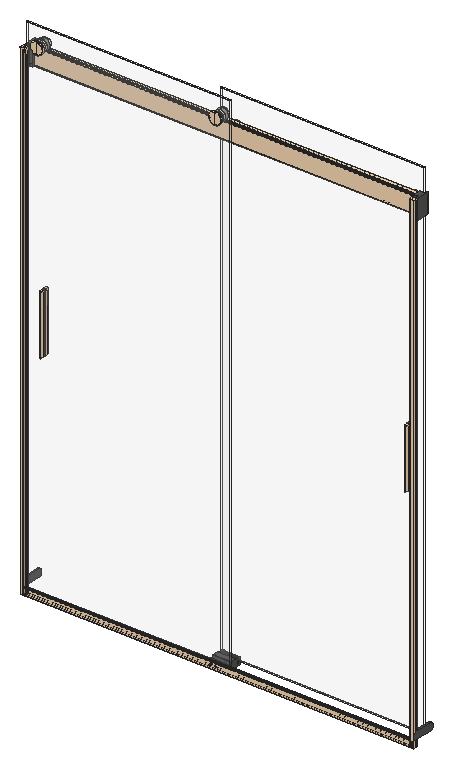
Revit family "Shower-Shower_Door-KOHLER-Levity-K-706383_1", category Specialty Equipment, host Face, Revit 2021
Family settings
  Host = Face
  Round Connector Dimension = Use Diameter
  Part Type = Normal
  OmniClass Number = 23.31.17.17
  OmniClass Title = Shower Enclosures
  Cut with Voids When Loaded = No
  Shared = No
  Room Calculation Point = No
Parameters (values of type "2MB-Vibrant Brushed Moderne Brass")
  Width [instance] = Walk Thru + 32.04724"  # 59.60584"
  WaterSense Certified = 1 = 0  # no
  Walk Thru [instance] = 27 143/256"
  URL = "https://www.us.kohler.com/us/"
  Type = 1
  Secondary Finish = Kohler-Glass-L-Crystal_Clear
  Product Page URL = "http://www.us.kohler.com/us/catalog/productDetails.jsp?productId=706383-L"
  Product Name = "Levity"  # constant formula
  Product Documentation Link = "https://www.us.kohler.com/webassets/kpna/catalog/pdf/en/K-706383-L_spec_US-CA_Kohler_en.pdf"
  Model = if(Type = 1, "K-706383-L-2MB", if(Type = 2, "K-706383-L-ABZ", if(Type = 3, "K-706383-L-BL", if(Type = 4, "K-706383-L-NX", if(Type = 5, "K-706383-L-SHP", "NA")))))  # "K-706383-L-2MB"
  Material = "Premium Metal Construction"  # constant formula
  Master Format 2014 Name = "Shower Doors"  # constant formula
  Master Format 2014 = "10 28 19.16"  # constant formula
  Manufacturer Address = "444 Highland Dr, Kohler, WI 53044"  # constant formula
  Manufacturer = "Kohler Co."  # constant formula
  Length = 3 119/256"  # constant formula
  Height = 77 143/256"  # constant formula
  Hardware Included = 1 = 1  # yes
  Finish = Kohler-Metal-2MB-Vibrant_Brushed_Moderne_Brass
  Environmental Product Declaration = ""
  Description = "Sliding shower door, 78 inch H x 56-5/8 - 59-5/8 inch W, with 5/16 inch thick Crystal Clear glass"  # constant formula
  Default Elevation = 4"
  Declare Label = ""
  Date Modified = "09/07/2022"  # constant formula
  Date Created = "09/07/2022"  # constant formula
  Copyright = "Copyright Kohler Co."  # constant formula
  Contact Us = "https://www.us.kohler.com/us/static/contact.jsp"
  Assembly Code = "C1030200"
  ADA Compliant = 1 = 0  # no
Reference planes (in)
  plane 1 "Center (Front/Back)": y = 0
  plane 2: z = 0
  plane 3 "Center (Left/Right)": x = 0
  plane 4: x = 27.55859
  plane 5: x = 28.29765
  plane 6: x = 25.97473
  plane 7: x = 25.42008
  plane 8: y = 2.60043
  plane 9: y = -0.86442
  plane 10: y = 1.74077
  plane 11: x = -1.03345
  plane 12: x = -3.03345
  plane 13: x = -2
  plane 14: z = 77.55859
  plane 15: z = 74.78077
  plane 16: z = 74.13386
  plane 17: z = 71.5748
  plane 18: z = 72.64599
  plane 19: x = -29.01189
  plane 20: x = -28.45725
  plane 21: z = 42.00787
  plane 22: z = 32.99213
  plane 23: x = -31.30819
  plane 24: x = -31.01293
  plane 25: y = 0.86814
Dimensions and locks (in)
  "Walk Thru": plane 4 to plane 3 "Center (Left/Right)"
  locked: plane 4 to plane 5 at 0.73906
  locked: plane 6 to plane 4 at 1.58387
  locked: plane 7 to plane 6 at 0.55464
  "Length": plane 9 to plane 8
  locked: plane 12 to plane 11 at 2
  locked: plane 11 to plane 6 at 27.00818
  "Height": plane 14 to level
  plane 22 to level = 32.99213"
  plane 21 to plane 22 = 9.01575"
  plane 17 to level = 71.5748"
  plane 16 to plane 17 = 2.55906"
  "Width": plane 5 to plane 23
  aligned and locked: plane 2 to host face
  aligned and locked: level to host face
  aligned and locked: plane 1 "Center (Front/Back)" to nested 1
  aligned and locked: plane 3 "Center (Left/Right)" to nested 1
Automatic sketch dimensions
  host sketch curve to host sketch curve = 96"  (x2)
Nested families (in)
  nested 1: "K-706383" at (0, 0, 0), type "K-706383"
Definition of nested family "K-706383"
  Parameters (values of type "K-706383")
    Width = Walk Thru + 32.04724"  # 59.6063"
    Walk Thru = 27.55906"
    Secondary Material = none
    Material = none
    Fixed Panel = 31.30827"
    Default Elevation = 0"
  Reference planes (in)
    plane 1 "Center (Front/Back)": y = 0
    plane 2: z = 0
    plane 3 "Center (Left/Right)": x = 0
    plane 4: x = 27.55906
    plane 5: x = 28.29811
    plane 6: x = -31.30827
    plane 7: z = 74.78077
    plane 8: z = 77.55906
    plane 9: z = 32.99213
    plane 10: z = 42.00787
    plane 11 "s1": x = -29.01189
    plane 12: x = -31.01293
    plane 13: x = -28.45725
    plane 14 "s2": x = -2
    plane 15: z = 72.64599
    plane 16 "S3": x = -1.03299
    plane 17: x = -3.03299
    plane 18 "s4": x = 25.97519
    plane 19: x = 27.96796
    plane 20: x = 25.42055
    plane 21: z = 71.5748
    plane 22: z = 74.13386
    plane 23: y = 2.60043
    plane 24: y = -0.86414
    plane 25: y = 1.74077
    plane 26: x = -4.02536
  Forms (in)
    Extrusion 1, solid, material <- "Material", detail levels medium+fine
      sketch origin (0, 0.03056, 0) x (1, 0, 0) y (0, 1, 0)
        loop
          line (-31.30827, -0.77071) -> (-31.30827, -0.82591) -> (-31.10631, -0.82591) -> (-31.0439, -0.79547) -> (-30.97933, -0.82558) -> (-30.84345, -0.82558) -> (-30.78841, -0.79874)
          arc (-30.78841, -0.79874) -> (-30.7805, -0.78215) -> (-30.79488, -0.77071) r 0.01476
          line (-30.79488, -0.77071) -> (-30.97944, -0.77071) -> (-30.97944, -0.38286)
          arc (-30.97944, -0.38286) -> (-30.97288, -0.36703) -> (-30.95705, -0.36047) r 0.02239
          line (-30.95705, -0.36047) -> (-30.79475, -0.36047)
          arc (-30.79475, -0.36047) -> (-30.78, -0.34863) -> (-30.78836, -0.33167) r 0.0151
          line (-30.78836, -0.33167) -> (-30.84459, -0.30546) -> (-30.98006, -0.30546) -> (-31.04341, -0.335) -> (-31.10676, -0.30546) -> (-31.30827, -0.30546) -> (-31.30827, -0.36047) -> (-31.12837, -0.36047)
          arc (-31.12837, -0.36047) -> (-31.11263, -0.36699) -> (-31.10611, -0.38273) r 0.02226
          line (-31.10611, -0.38273) -> (-31.10611, -0.7506)
          arc (-31.10611, -0.7506) -> (-31.112, -0.76482) -> (-31.12622, -0.77071) r 0.02011
          line (-31.12622, -0.77071) -> (-31.30827, -0.77071)
        loop
          arc (-30.55611, -0.3604) -> (-30.58805, -0.28329) -> (-30.66515, -0.25135) r 0.10905
          line (-30.66515, -0.25135) -> (-31.24181, -0.25135) -> (-31.24181, -0.29812) -> (-30.65883, -0.29812)
          arc (-30.65883, -0.29812) -> (-30.61189, -0.31756) -> (-30.59245, -0.3645) r 0.06638
          line (-30.59245, -0.3645) -> (-30.59245, -0.78161)
          arc (-30.59245, -0.78161) -> (-30.60848, -0.82033) -> (-30.6472, -0.83636) r 0.05475
          line (-30.6472, -0.83636) -> (-31.24181, -0.83636) -> (-31.24181, -0.8947) -> (-30.66516, -0.8947)
          arc (-30.66516, -0.8947) -> (-30.58805, -0.86276) -> (-30.55611, -0.78565) r 0.10906
          line (-30.55611, -0.78565) -> (-30.55611, -0.3604)
      from 0.07617 to 74.24275
    Extrusion 2, solid, material <- "Material", detail levels medium+fine
      sketch origin (0, 0, 0) x (1, 0, 0) y (0, 1, 0)
        loop
          line (-31.30827, -0.22079) -> (-31.30827, -0.86414) -> (-30.66516, -0.86414)
          arc (-30.66516, -0.86414) -> (-30.58805, -0.8322) -> (-30.55611, -0.75509) r 0.10906
          line (-30.55611, -0.75509) -> (-30.55611, -0.32984)
          arc (-30.55611, -0.32984) -> (-30.58805, -0.25273) -> (-30.66515, -0.22079) r 0.10905
          line (-30.66515, -0.22079) -> (-31.30827, -0.22079)
      from 74.24275 to 74.32845
    Revolve 3, solid, material <- "Material"
      sketch origin (-29.01189, 0, 0) x (0, 0, -1) y (0, -1, 0)
        loop
          line (-74.78077, 0.65678) -> (-75.6749, 0.65678) -> (-75.71643, 0.61525) -> (-75.71643, 0.48926) -> (-75.67675, 0.44957) -> (-75.43988, 0.44957) -> (-75.43988, 0.15652) -> (-74.87385, 0.15652) -> (-74.87385, -0.156) -> (-75.49161, -0.156) -> (-75.49161, -0.35633) -> (-75.32823, -0.35633) -> (-75.32823, -0.48179) -> (-75.52507, -0.48179)
          arc (-75.52507, -0.48179) -> (-75.59472, -0.66967) -> (-75.52507, -0.85754) r 0.28822
          line (-75.52507, -0.85754) -> (-75.49052, -0.85754) -> (-75.49052, -1.14013) -> (-75.45741, -1.171)
          arc (-75.45741, -1.171) -> (-75.44399, -1.17947) -> (-75.42839, -1.18243) r 0.04256
          line (-75.42839, -1.18243) -> (-74.78077, -1.18243) -> (-74.78077, 0.65678)
        axis (-74.78077, -1.18243) -> (-74.78077, 0.65678)
      angle from 0 to 360
    Extrusion 4, solid
      sketch origin (0, 0, 0) x (1, 0, 0) y (0, 1, 0)
        loop
          line (-31.30827, 1.80573) -> (-31.30827, -0.22079) -> (-31.03969, -0.22079)
          arc (-31.03969, -0.22079) -> (-31.02077, -0.21295) -> (-31.01293, -0.19403) r 0.02676
          line (-31.01293, -0.19403) -> (-31.01293, 0.27823)
          arc (-31.01293, 0.27823) -> (-31.00571, 0.29589) -> (-30.98818, 0.30342) r 0.0252
          line (-30.98818, 0.30342) -> (-30.34253, 0.31469)
          arc (-30.34253, 0.31469) -> (-30.325, 0.32222) -> (-30.31778, 0.33988) r 0.0252
          line (-30.31778, 0.33988) -> (-30.31778, 1.4154)
          arc (-30.31778, 1.4154) -> (-30.32501, 1.43308) -> (-30.34256, 1.44062) r 0.02522
          line (-30.34256, 1.44062) -> (-30.99225, 1.45196)
          arc (-30.99225, 1.45196) -> (-31.0069, 1.45825) -> (-31.01293, 1.47301) r 0.02106
          line (-31.01293, 1.47301) -> (-31.01293, 1.80213)
          arc (-31.01293, 1.80213) -> (-31.01885, 1.81661) -> (-31.03321, 1.82281) r 0.02069
          line (-31.03321, 1.82281) -> (-31.28611, 1.82789)
          arc (-31.28611, 1.82789) -> (-31.30178, 1.8214) -> (-31.30827, 1.80573) r 0.02216
      from 74.32845 to 71.35066
    Extrusion 5, solid
      sketch origin (-29.01189, 0, 0) x (0, 0, -1) y (0, -1, 0)
        loop
          line (-2.13356, 0.83114) -> (-2.13356, -2.35056)
          arc (-2.13356, -2.35056) -> (-2.06038, -2.52724) -> (-1.88369, -2.60043) r 0.24987
          line (-1.88369, -2.60043) -> (-1.30967, -2.60043)
          arc (-1.30967, -2.60043) -> (-1.13289, -2.5272) -> (-1.05967, -2.35043) r 0.25
          line (-1.05967, -2.35043) -> (-1.05967, 0.83114) -> (-2.13356, 0.83114)
      from 2.00104 to 2.29637
    Extrusion 6, solid, material <- "Material", detail levels medium+fine
      sketch origin (-29.01189, 0, 0) x (0, 0, -1) y (0, -1, 0)
        loop
          line (0, 0.08606) -> (0, 0.52344)
          arc (0, 0.52344) -> (-0.01049, 0.54072) -> (-0.03065, 0.53939) r 0.01948
          arc (-0.03065, 0.53939) -> (-0.04709, 0.5355) -> (-0.06098, 0.5451) r 0.02077
          arc (-0.06098, 0.5451) -> (-0.07477, 0.565) -> (-0.09076, 0.58318) r 0.20858
          arc (-0.09076, 0.58318) -> (-0.07545, 0.59928) -> (-0.06217, 0.6171) r 0.18512
          arc (-0.06217, 0.6171) -> (-0.08148, 0.67061) -> (-0.09283, 0.72636) r 0.39209
          arc (-0.09283, 0.72636) -> (-0.07014, 0.73553) -> (-0.05008, 0.72149) r 0.02565
          arc (-0.05008, 0.72149) -> (-0.04156, 0.70836) -> (-0.03031, 0.69747) r 0.06947
          arc (-0.03031, 0.69747) -> (-0.01051, 0.69549) -> (0, 0.71238) r 0.01882
          line (0, 0.71238) -> (0, 0.77601) -> (-0.99567, 0.77601)
          arc (-0.99567, 0.77601) -> (-1.03166, 0.7611) -> (-1.04657, 0.72511) r 0.0509
          line (-1.04657, 0.72511) -> (-1.04657, 0.42612)
          arc (-1.04657, 0.42612) -> (-1.03528, 0.39442) -> (-1.00649, 0.37699) r 0.05015
          arc (-1.00649, 0.37699) -> (-0.99048, 0.38093) -> (-0.98341, 0.39582) r 0.01922
          line (-0.98341, 0.39582) -> (-0.98341, 0.54145)
          arc (-0.98341, 0.54145) -> (-0.9381, 0.58677) -> (-0.89278, 0.54145) r 0.04531
          line (-0.89278, 0.54145) -> (-0.89278, 0.40813)
          arc (-0.89278, 0.40813) -> (-0.88398, 0.3875) -> (-0.86299, 0.37959) r 0.02857
          line (-0.86299, 0.37959) -> (-0.30194, 0.40364)
          arc (-0.30194, 0.40364) -> (-0.27381, 0.42223) -> (-0.27702, 0.4558) r 0.03273
          arc (-0.27702, 0.4558) -> (-0.29705, 0.47169) -> (-0.32235, 0.47535) r 0.04907
          arc (-0.32235, 0.47535) -> (-0.38253, 0.52555) -> (-0.3288, 0.58261) r 0.05382
          line (-0.3288, 0.58261) -> (-0.22838, 0.58261)
          arc (-0.22838, 0.58261) -> (-0.12075, 0.53802) -> (-0.07617, 0.43039) r 0.15221
          line (-0.07617, 0.43039) -> (-0.07617, 0.10741)
          arc (-0.07617, 0.10741) -> (-0.06991, 0.09231) -> (-0.05481, 0.08606) r 0.02136
          line (-0.05481, 0.08606) -> (0, 0.08606)
        loop
          line (-0.99524, 0.72571) -> (-0.99524, 0.65316)
          arc (-0.99524, 0.65316) -> (-0.9867, 0.63632) -> (-0.96807, 0.63325) r 0.02088
          arc (-0.96807, 0.63325) -> (-0.88988, 0.62125) -> (-0.85186, 0.55187) r 0.08936
          line (-0.85186, 0.55187) -> (-0.84805, 0.46295)
          arc (-0.84805, 0.46295) -> (-0.837, 0.43922) -> (-0.81242, 0.43025) r 0.03419
          line (-0.81242, 0.43025) -> (-0.43167, 0.44657)
          arc (-0.43167, 0.44657) -> (-0.41627, 0.45629) -> (-0.41686, 0.47449) r 0.01832
          arc (-0.41686, 0.47449) -> (-0.41912, 0.5794) -> (-0.32862, 0.63252) r 0.10365
          line (-0.32862, 0.63252) -> (-0.14995, 0.63252)
          arc (-0.14995, 0.63252) -> (-0.13434, 0.64021) -> (-0.13094, 0.65726) r 0.01967
          arc (-0.13094, 0.65726) -> (-0.13678, 0.68123) -> (-0.1416, 0.70542) r 0.5764
          arc (-0.1416, 0.70542) -> (-0.15, 0.71996) -> (-0.16579, 0.72571) r 0.02457
          line (-0.16579, 0.72571) -> (-0.99524, 0.72571)
      from -56.97985 to 2.00104
    Extrusion 7, solid, material <- "Material", detail levels medium+fine
      sketch origin (-29.01189, 0, 0) x (0, 0, -1) y (0, -1, 0)
        loop
          line (-73.81799, -1.19785) -> (-73.80144, -1.00859) -> (-74.13386, -1.00859) -> (-74.13386, -1.34403) -> (-73.64043, -1.34403) -> (-73.64043, -0.79733) -> (-73.73284, -0.79733) -> (-73.73284, -0.69922) -> (-71.73684, -0.69922)
          arc (-71.73684, -0.69922) -> (-71.69219, -0.71772) -> (-71.67369, -0.76237) r 0.06315
          line (-71.67369, -0.76237) -> (-71.67369, -1.03838) -> (-71.74719, -1.03838) -> (-71.82588, -0.86961) -> (-71.8754, -0.86961)
          arc (-71.8754, -0.86961) -> (-71.88929, -0.87732) -> (-71.89012, -0.89318) r 0.01638
          line (-71.89012, -0.89318) -> (-71.80406, -1.06964) -> (-71.9001, -1.27561) -> (-71.9737, -1.27561)
          arc (-71.9737, -1.27561) -> (-71.94576, -1.32245) -> (-71.89442, -1.34086) r 0.08078
          line (-71.89442, -1.34086) -> (-71.61737, -1.34086)
          arc (-71.61737, -1.34086) -> (-71.58727, -1.32839) -> (-71.5748, -1.2983) r 0.04256
          line (-71.5748, -1.2983) -> (-71.5748, -0.42535)
          arc (-71.5748, -0.42535) -> (-71.5819, -0.4082) -> (-71.59904, -0.4011) r 0.02424
          line (-71.59904, -0.4011) -> (-74.11423, -0.4011)
          arc (-74.11423, -0.4011) -> (-74.12811, -0.40685) -> (-74.13386, -0.42073) r 0.01963
          line (-74.13386, -0.42073) -> (-74.13386, -0.46738) -> (-74.05507, -0.46738)
          arc (-74.05507, -0.46738) -> (-74.03644, -0.47281) -> (-74.02365, -0.4874) r 0.03466
          line (-74.02365, -0.4874) -> (-73.9527, -0.63956)
          arc (-73.9527, -0.63956) -> (-73.946, -0.66977) -> (-73.9527, -0.69999) r 0.07149
          line (-73.9527, -0.69999) -> (-74.02142, -0.84737)
          arc (-74.02142, -0.84737) -> (-74.02034, -0.86391) -> (-74.00581, -0.87188) r 0.01723
          line (-74.00581, -0.87188) -> (-73.95961, -0.87188) -> (-73.89039, -0.72344) -> (-73.83122, -0.72344) -> (-73.83122, -0.83818)
          arc (-73.83122, -0.83818) -> (-73.80137, -0.90275) -> (-73.73284, -0.92184) r 0.08476
          line (-73.73284, -0.92184) -> (-73.73284, -1.25557)
          arc (-73.73284, -1.25557) -> (-73.73927, -1.27111) -> (-73.75481, -1.27754) r 0.02198
          line (-73.75481, -1.27754) -> (-74.08364, -1.27754) -> (-74.08364, -1.13682)
          arc (-74.08364, -1.13682) -> (-74.07642, -1.1194) -> (-74.059, -1.11219) r 0.02463
          line (-74.059, -1.11219) -> (-74.02117, -1.11219)
          arc (-74.02117, -1.11219) -> (-74.00503, -1.11929) -> (-73.99936, -1.13599) r 0.02189
          line (-73.99936, -1.13599) -> (-74.00326, -1.18052)
          arc (-74.00326, -1.18052) -> (-73.97112, -1.21267) -> (-73.93897, -1.18052) r 0.03214
          line (-73.93897, -1.18052) -> (-73.93897, -1.07762)
          arc (-73.93897, -1.07762) -> (-73.92135, -1.06305) -> (-73.91035, -1.0831) r 0.01484
          line (-73.91035, -1.0831) -> (-73.9203, -1.1969)
          arc (-73.9203, -1.1969) -> (-73.91468, -1.21347) -> (-73.89867, -1.22051) r 0.02172
          line (-73.89867, -1.22051) -> (-73.84273, -1.22051)
          arc (-73.84273, -1.22051) -> (-73.82596, -1.21399) -> (-73.81799, -1.19785) r 0.02483
        loop
          line (-73.87179, -0.62309) -> (-71.65435, -0.62309) -> (-71.65435, -0.48081) -> (-73.90387, -0.48081)
          arc (-73.90387, -0.48081) -> (-73.92228, -0.49091) -> (-73.92365, -0.51187) r 0.02183
          line (-73.92365, -0.51187) -> (-73.87179, -0.62309)
      from -56.97985 to 2.00104
    Extrusion 8, solid, material <- "Secondary Material"
      sketch origin (0, 0, 0) x (1, 0, 0) y (0, 1, 0)
        loop
          line (-0.10945, 0.156) -> (-30.90358, 0.156)
          arc (-30.90358, 0.156) -> (-30.9809, 0.12397) -> (-31.01293, 0.04664) r 0.10936
          line (-31.01293, 0.04664) -> (-31.01293, -0.04655)
          arc (-31.01293, -0.04655) -> (-30.98088, -0.12394) -> (-30.90348, -0.156) r 0.10945
          line (-30.90348, -0.156) -> (-0.10945, -0.156)
          arc (-0.10945, -0.156) -> (-0.03206, -0.12394) -> (0, -0.04655) r 0.10945
          line (0, -0.04655) -> (0, 0.04655)
          arc (0, 0.04655) -> (-0.03206, 0.12394) -> (-0.10945, 0.156) r 0.10945
      from 0.67069 to 77.55906
    Revolve 9, solid, material <- "Material"
      sketch origin (-2, 0, 0) x (0, 0, -1) y (0, -1, 0)
        loop
          line (-74.78077, 0.65678) -> (-75.6749, 0.65678) -> (-75.71643, 0.61525) -> (-75.71643, 0.48926) -> (-75.67675, 0.44957) -> (-75.43988, 0.44957) -> (-75.43988, 0.15652) -> (-74.87385, 0.15652) -> (-74.87385, -0.156) -> (-75.49161, -0.156) -> (-75.49161, -0.35633) -> (-75.32823, -0.35633) -> (-75.32823, -0.48179) -> (-75.52507, -0.48179)
          arc (-75.52507, -0.48179) -> (-75.59472, -0.66967) -> (-75.52507, -0.85754) r 0.28822
          line (-75.52507, -0.85754) -> (-75.49052, -0.85754) -> (-75.49052, -1.14013) -> (-75.45741, -1.171)
          arc (-75.45741, -1.171) -> (-75.44399, -1.17947) -> (-75.42839, -1.18243) r 0.04256
          line (-75.42839, -1.18243) -> (-74.78077, -1.18243) -> (-74.78077, 0.65678)
        axis (-74.78077, -1.18243) -> (-74.78077, 0.65678)
      angle from 0 to 360
    Extrusion 10, solid, material <- "Material"
      sketch origin (0, 0, 0) x (1, 0, 0) y (0, 0, 1)
        loop
          line (-28.64475, 42.00787) -> (-28.64475, 32.99213) -> (-28.26975, 32.99213) -> (-28.26975, 42.00787) -> (-28.64475, 42.00787)
      from 0.156 to 0.176
    Extrusion 11, solid, material <- "Material"
      sketch origin (0, 0, 0) x (1, 0, 0) y (0, 0, -1)
        loop
          line (-28.64475, -42.00787) -> (-28.26975, -42.00787) -> (-28.26975, -32.99213) -> (-28.64475, -32.99213) -> (-28.64475, -42.00787)
      from 0.156 to 0.176
    Extrusion 12, solid, material <- "Material", detail levels medium+fine
      sketch origin (0, 0, 0) x (1, 0, 0) y (0, 1, 0)
        loop
          arc (-28.62363, -0.176) -> (-28.63919, -0.18301) -> (-28.64425, -0.1993) r 0.02077
          line (-28.64425, -0.1993) -> (-28.58891, -0.64998)
          arc (-28.58891, -0.64998) -> (-28.57903, -0.66876) -> (-28.55919, -0.67628) r 0.02995
          line (-28.55919, -0.67628) -> (-28.35527, -0.67628)
          arc (-28.35527, -0.67628) -> (-28.33545, -0.66876) -> (-28.32558, -0.65) r 0.02992
          line (-28.32558, -0.65) -> (-28.27025, -0.19941)
          arc (-28.27025, -0.19941) -> (-28.27533, -0.18304) -> (-28.29096, -0.176) r 0.02087
          line (-28.29096, -0.176) -> (-28.62363, -0.176)
        loop
          line (-28.62363, 0.176) -> (-28.29096, 0.176)
          arc (-28.29096, 0.176) -> (-28.27533, 0.18304) -> (-28.27025, 0.19941) r 0.02087
          line (-28.27025, 0.19941) -> (-28.32558, 0.65)
          arc (-28.32558, 0.65) -> (-28.33545, 0.66876) -> (-28.35527, 0.67628) r 0.02992
          line (-28.35527, 0.67628) -> (-28.55919, 0.67628)
          arc (-28.55919, 0.67628) -> (-28.57903, 0.66876) -> (-28.58891, 0.64998) r 0.02995
          line (-28.58891, 0.64998) -> (-28.64425, 0.1993)
          arc (-28.64425, 0.1993) -> (-28.63919, 0.18301) -> (-28.62363, 0.176) r 0.02077
      from 32.99213 to 42.00787
    Extrusion 13, solid
      sketch origin (0, 0, 0) x (0, 1, 0) y (0, 0, 1)
        loop
          line (2.21768, 0) -> (2.16316, 1.04035)
          arc (2.16316, 1.04035) -> (2.15494, 1.05817) -> (2.13671, 1.06544) r 0.02648
          line (2.13671, 1.06544) -> (2.01159, 1.06544)
          arc (2.01159, 1.06544) -> (1.9931, 1.05788) -> (1.98522, 1.03952) r 0.02638
          line (1.98522, 1.03952) -> (1.97092, 0.22045)
          arc (1.97092, 0.22045) -> (1.94644, 0.16347) -> (1.88904, 0.13999) r 0.0819
          line (1.88904, 0.13999) -> (1.69478, 0.13999)
          arc (1.69478, 0.13999) -> (1.6368, 0.16312) -> (1.61067, 0.2198) r 0.08422
          line (1.61067, 0.2198) -> (1.5682, 1.03007)
          arc (1.5682, 1.03007) -> (1.56166, 1.04427) -> (1.54714, 1.05006) r 0.02109
          line (1.54714, 1.05006) -> (1.49801, 1.05006)
          arc (1.49801, 1.05006) -> (1.48611, 1.06054) -> (1.4707, 1.06432) r 0.03329
          line (1.4707, 1.06432) -> (0.53129, 1.06432)
          arc (0.53129, 1.06432) -> (0.51193, 1.06095) -> (0.49483, 1.05125) r 0.05738
          line (0.49483, 1.05125) -> (0.44457, 1.05125) -> (0.40081, 0.21622)
          arc (0.40081, 0.21622) -> (0.37545, 0.16122) -> (0.3192, 0.13878) r 0.08172
          line (0.3192, 0.13878) -> (0.12893, 0.13878)
          arc (0.12893, 0.13878) -> (0.06604, 0.16451) -> (0.03921, 0.22694) r 0.08973
          line (0.03921, 0.22694) -> (0.02805, 0.86675)
          arc (0.02805, 0.86675) -> (0.02149, 0.88201) -> (0.00612, 0.8883) r 0.02193
          line (0.00612, 0.8883) -> (-0.34238, 0.8883)
          arc (-0.34238, 0.8883) -> (-0.36649, 0.87838) -> (-0.37665, 0.85437) r 0.03427
          line (-0.37665, 0.85437) -> (-0.38235, 0.29611)
          arc (-0.38235, 0.29611) -> (-0.43615, 0.26827) -> (-0.476, 0.31388) r 0.04907
          arc (-0.476, 0.31388) -> (-0.50292, 0.34014) -> (-0.53127, 0.31543) r 0.02774
          arc (-0.53127, 0.31543) -> (-0.50624, 0.20759) -> (-0.40644, 0.15967) r 0.1279
          line (-0.40644, 0.15967) -> (-0.09772, 0.15967)
          arc (-0.09772, 0.15967) -> (-0.07521, 0.15035) -> (-0.06589, 0.12785) r 0.03183
          line (-0.06589, 0.12785) -> (-0.06589, 0.0926)
          arc (-0.06589, 0.0926) -> (-0.05277, 0.05756) -> (-0.01985, 0.03976) r 0.05334
          arc (-0.01985, 0.03976) -> (0.26839, 0.00995) -> (0.55799, 0) r 4.2189
          line (0.55799, 0) -> (2.21768, 0)
      from -3.23838 to -0.46585
    Revolve 14, solid, material <- "Material"
      sketch origin (-1.03299, 0, 0) x (0, 1, 0) y (0, 0, 1)
        loop
          line (2.39994, 72.64599) -> (2.39994, 73.54013) -> (2.35841, 73.58166) -> (2.23242, 73.58166) -> (2.19273, 73.54197) -> (2.19273, 73.30511) -> (1.897, 73.30511) -> (1.897, 72.73907) -> (1.58486, 72.73907) -> (1.58486, 73.35683) -> (1.38684, 73.35683) -> (1.38684, 73.19346) -> (1.26137, 73.19346) -> (1.26137, 73.3903)
          arc (1.26137, 73.3903) -> (1.0735, 73.45994) -> (0.88562, 73.3903) r 0.28822
          line (0.88562, 73.3903) -> (0.88562, 73.35575) -> (0.60304, 73.35575) -> (0.57217, 73.32264)
          arc (0.57217, 73.32264) -> (0.56369, 73.30921) -> (0.56073, 73.29362) r 0.04256
          line (0.56073, 73.29362) -> (0.56073, 72.64599) -> (2.39994, 72.64599)
        axis (0.56073, 72.64599) -> (2.39994, 72.64599)
      angle from 0 to 360
    Revolve 15, solid, material <- "Material"
      sketch origin (25.97519, 0, 0) x (0, 1, 0) y (0, 0, 1)
        loop
          line (2.39994, 72.64599) -> (2.39994, 73.54013) -> (2.35841, 73.58166) -> (2.23242, 73.58166) -> (2.19273, 73.54197) -> (2.19273, 73.30511) -> (1.89699, 73.30511) -> (1.89699, 72.73907) -> (1.58486, 72.73907) -> (1.58486, 73.35683) -> (1.38684, 73.35683) -> (1.38684, 73.19346) -> (1.26137, 73.19346) -> (1.26137, 73.3903)
          arc (1.26137, 73.3903) -> (1.0735, 73.45994) -> (0.88562, 73.3903) r 0.28822
          line (0.88562, 73.3903) -> (0.88562, 73.35575) -> (0.60304, 73.35575) -> (0.57217, 73.32264)
          arc (0.57217, 73.32264) -> (0.56369, 73.30921) -> (0.56073, 73.29362) r 0.04256
          line (0.56073, 73.29362) -> (0.56073, 72.64599) -> (2.39994, 72.64599)
        axis (0.56073, 72.64599) -> (2.39994, 72.64599)
      angle from 0 to 360
    Extrusion 16, solid, material <- "Secondary Material"
      sketch origin (0, 0, 0) x (1, 0, 0) y (0, 1, 0)
        loop
          line (-3.03299, 1.78449) -> (-3.03299, 1.69706)
          arc (-3.03299, 1.69706) -> (-3.00012, 1.61771) -> (-2.92078, 1.58485) r 0.1122
          line (-2.92078, 1.58485) -> (27.85575, 1.58485)
          arc (27.85575, 1.58485) -> (27.93509, 1.61771) -> (27.96796, 1.69706) r 0.1122
          line (27.96796, 1.69706) -> (27.96796, 1.78465)
          arc (27.96796, 1.78465) -> (27.93509, 1.86399) -> (27.85575, 1.89685) r 0.1122
          line (27.85575, 1.89685) -> (-2.92063, 1.89685)
          arc (-2.92063, 1.89685) -> (-3.00008, 1.86394) -> (-3.03299, 1.78449) r 0.11236
      from 0.67069 to 77.55906
    Extrusion 17, solid, material <- "Material"
      sketch origin (0, 0, 0) x (1, 0, 0) y (0, 1, 0)
        loop
          line (27.55906, -0.33981) -> (27.55906, -0.77438)
          arc (27.55906, -0.77438) -> (27.58535, -0.83785) -> (27.64882, -0.86414) r 0.08976
          line (27.64882, -0.86414) -> (28.29811, -0.86414) -> (28.29811, -0.7854) -> (27.62058, -0.7854) -> (27.62058, -0.31019) -> (28.29811, -0.31019) -> (28.29811, -0.2499) -> (27.64896, -0.2499)
          arc (27.64896, -0.2499) -> (27.58539, -0.27623) -> (27.55906, -0.33981) r 0.08991
      from 0.07617 to 74.24658
    Extrusion 18, solid, material <- "Material"
      sketch origin (0, 0, 0) x (1, 0, 0) y (0, 1, 0)
        loop
          line (28.29811, -0.2499) -> (27.64896, -0.2499)
          arc (27.64896, -0.2499) -> (27.58539, -0.27623) -> (27.55906, -0.33981) r 0.08991
          line (27.55906, -0.33981) -> (27.55906, -0.77438)
          arc (27.55906, -0.77438) -> (27.58535, -0.83785) -> (27.64882, -0.86414) r 0.08976
          line (27.64882, -0.86414) -> (28.29811, -0.86414) -> (28.29811, -0.2499)
      from 74.32845 to 74.24658
    Extrusion 19, solid
      sketch origin (0, 0, 0) x (1, 0, 0) y (0, 1, 0)
        loop
          arc (28.29811, 1.79546) -> (28.28956, 1.81592) -> (28.269, 1.8242) r 0.02874
          line (28.269, 1.8242) -> (27.99632, 1.82065)
          arc (27.99632, 1.82065) -> (27.97624, 1.8121) -> (27.96796, 1.79191) r 0.02874
          line (27.96796, 1.79191) -> (27.96796, 1.49455)
          arc (27.96796, 1.49455) -> (27.95467, 1.46206) -> (27.92241, 1.4482) r 0.04635
          line (27.92241, 1.4482) -> (27.31637, 1.43762)
          arc (27.31637, 1.43762) -> (27.30139, 1.43119) -> (27.29521, 1.41609) r 0.02153
          line (27.29521, 1.41609) -> (27.29521, 0.33942)
          arc (27.29521, 0.33942) -> (27.30345, 0.31928) -> (27.32345, 0.31069) r 0.02874
          line (27.32345, 0.31069) -> (27.93972, 0.29993)
          arc (27.93972, 0.29993) -> (27.95972, 0.29134) -> (27.96796, 0.27119) r 0.02874
          line (27.96796, 0.27119) -> (27.96796, -0.19341)
          arc (27.96796, -0.19341) -> (27.97638, -0.21373) -> (27.9967, -0.22215) r 0.02874
          line (27.9967, -0.22215) -> (28.26953, -0.22215)
          arc (28.26953, -0.22215) -> (28.28974, -0.21377) -> (28.29811, -0.19356) r 0.02858
          line (28.29811, -0.19356) -> (28.29811, 1.79546)
      from 74.32845 to 71.35066
    Extrusion 20, solid
      sketch origin (-29.01189, 0.08511, 0) x (0, 0, -1) y (0, -1, 0)
        loop
          line (-2.13356, 0.91625) -> (-2.13356, -2.26545)
          arc (-2.13356, -2.26545) -> (-2.06038, -2.44213) -> (-1.88369, -2.51532) r 0.24987
          line (-1.88369, -2.51532) -> (-1.30967, -2.51532)
          arc (-1.30967, -2.51532) -> (-1.13289, -2.44209) -> (-1.05967, -2.26532) r 0.25
          line (-1.05967, -2.26532) -> (-1.05967, 0.91625) -> (-2.13356, 0.91625)
      from -56.97985 to -57.31001
    Extrusion 21, solid, material <- "Material", detail levels medium+fine
      sketch origin (0, 0, 0) x (1, 0, 0) y (0, 0, 1)
        loop
          line (25.23305, 42.00787) -> (25.23305, 32.99213) -> (25.60805, 32.99213) -> (25.60805, 42.00787) -> (25.23305, 42.00787)
      from -1.58486 to -1.56485
    Extrusion 22, solid, material <- "Material", detail levels medium+fine
      sketch origin (0, 3.48155, 0) x (1, 0, 0) y (0, 0, -1)
        loop
          line (25.23305, -42.00787) -> (25.60805, -42.00787) -> (25.60805, -32.99213) -> (25.23305, -32.99213) -> (25.23305, -42.00787)
      from -1.58486 to -1.56485
    Extrusion 23, solid, material <- "Material", detail levels medium+fine
      sketch origin (0, 0, 0) x (1, 0, 0) y (0, 1, 0)
        loop
          line (25.25421, 1.9167) -> (25.58688, 1.9167)
          arc (25.58688, 1.9167) -> (25.60251, 1.92373) -> (25.60759, 1.9401) r 0.02087
          line (25.60759, 1.9401) -> (25.55227, 2.3907)
          arc (25.55227, 2.3907) -> (25.54239, 2.40946) -> (25.52257, 2.41697) r 0.02992
          line (25.52257, 2.41697) -> (25.31865, 2.41697)
          arc (25.31865, 2.41697) -> (25.29881, 2.40945) -> (25.28893, 2.39067) r 0.02995
          line (25.28893, 2.39067) -> (25.23359, 1.94)
          arc (25.23359, 1.94) -> (25.23865, 1.9237) -> (25.25421, 1.9167) r 0.02077
        loop
          arc (25.25421, 1.56485) -> (25.23865, 1.55784) -> (25.23359, 1.54155) r 0.02077
          line (25.23359, 1.54155) -> (25.28893, 1.09087)
          arc (25.28893, 1.09087) -> (25.29881, 1.07209) -> (25.31865, 1.06458) r 0.02995
          line (25.31865, 1.06458) -> (25.52257, 1.06458)
          arc (25.52257, 1.06458) -> (25.54239, 1.07209) -> (25.55227, 1.09085) r 0.02992
          line (25.55227, 1.09085) -> (25.60759, 1.54144)
          arc (25.60759, 1.54144) -> (25.60251, 1.55781) -> (25.58688, 1.56485) r 0.02087
          line (25.58688, 1.56485) -> (25.25421, 1.56485)
      from 32.99213 to 42.00787
    Extrusion 24, solid, material <- "Material", detail levels coarse
      sketch origin (-1.03299, 0, 0) x (0, 1, 0) y (0, 0, 1)
        loop
          line (-0.37651, 1.04196) -> (-0.77601, 1.04196) -> (-0.77601, 0) -> (-0.08298, 0) -> (-0.08298, 0.07617) -> (-0.37651, 0.07617) -> (-0.37651, 1.04196)
      from -29.97994 to 29.00095
    Extrusion 25, solid, material <- "Material", detail levels coarse
      sketch origin (0, 0, 0) x (1, 0, 0) y (0, 1, 0)
        loop
          line (-31.30827, -0.22079) -> (-31.30827, -0.86414) -> (-30.55611, -0.86414) -> (-30.55611, -0.22079) -> (-31.30827, -0.22079)
      from 0.07617 to 74.32845
    Extrusion 26, solid, material <- "Material", detail levels coarse
      sketch origin (-1.03299, 0, 0) x (0, 1, 0) y (0, 0, 1)
        loop
          line (0.4011, 74.13386) -> (0.4011, 71.5748) -> (1.34403, 71.5748) -> (1.34403, 74.13386) -> (0.4011, 74.13386)
      from -29.97994 to 29.00095
    Extrusion 27, solid, material <- "Material", detail levels coarse
      sketch origin (0, 0, 0) x (1, 0, 0) y (0, 1, 0)
        loop
          line (-28.64475, -0.67628) -> (-28.26943, -0.67628) -> (-28.26943, -0.176) -> (-28.64475, -0.176) -> (-28.64475, -0.67628)
        loop
          line (-28.64475, 0.67628) -> (-28.64475, 0.176) -> (-28.26943, 0.176) -> (-28.26943, 0.67628) -> (-28.64475, 0.67628)
      from 32.99213 to 42.00787
    Extrusion 28, solid, material <- "Material", detail levels coarse
      sketch origin (0, 0, 0) x (1, 0, 0) y (0, 1, 0)
        loop
          line (25.60805, 2.41697) -> (25.23305, 2.41697) -> (25.23305, 1.89685) -> (25.60805, 1.89685) -> (25.60805, 2.41697)
        loop
          line (25.60805, 1.06458) -> (25.60805, 1.5847) -> (25.23305, 1.5847) -> (25.23305, 1.06458) -> (25.60805, 1.06458)
      from 42.00787 to 32.99213
  Cuts and joins
    joined: Extrusion 1, Extrusion 2
    joined: Extrusion 17, Extrusion 18
  Lines and regions (in)
    Masking region 1
      outline origin (0, 0, 0) x (1, 0, 0) y (0, 0, 1)
        loop
          line (-31.01293, 77.55906) -> (-31.01293, 74.32845) -> (-31.30827, 74.32845) -> (-31.30827, 0.07994) -> (-31.01293, 0.07994) -> (-31.01293, 0) -> (27.96796, 0) -> (27.96796, 0.07941) -> (28.29811, 0.07941) -> (28.29811, 74.34197) -> (27.96796, 74.34197) -> (27.96796, 77.55906) -> (-31.01293, 77.55906)
    Masking region 2
      outline origin (-1.03299, 0, 0) x (0, 1, 0) y (0, 0, 1)
        loop
          line (1.89685, 77.55906) -> (1.58485, 77.55906) -> (1.58485, 74.32845) -> (1.18235, 74.32845) -> (1.18235, 75.42684)
          arc (1.18235, 75.42684) -> (1.1791, 75.44396) -> (1.16981, 75.45869) r 0.0467
          line (1.16981, 75.45869) -> (1.14013, 75.49052) -> (0.85754, 75.49052) -> (0.85754, 75.52507)
          arc (0.85754, 75.52507) -> (0.66967, 75.59521) -> (0.48179, 75.52507) r 0.28669
          line (0.48179, 75.52507) -> (0.48179, 75.32823) -> (0.35633, 75.32823) -> (0.35633, 75.49161) -> (0.156, 75.49161) -> (0.156, 77.55906) -> (-0.156, 77.55906) -> (-0.156, 75.43988) -> (-0.44957, 75.43988) -> (-0.44957, 75.67675) -> (-0.48926, 75.71643) -> (-0.61525, 75.71643) -> (-0.65678, 75.6749) -> (-0.65678, 74.32845) -> (-0.86414, 74.32845) -> (-0.86414, 0.07617) -> (-0.77601, 0.07617) -> (-0.77601, 0) -> (-0.71238, 0)
          arc (-0.71238, 0) -> (-0.69549, 0.01051) -> (-0.69747, 0.03031) r 0.01882
          arc (-0.69747, 0.03031) -> (-0.71356, 0.0474) -> (-0.73269, 0.06098) r 0.11878
          arc (-0.73269, 0.06098) -> (-0.70851, 0.06992) -> (-0.68351, 0.07617) r 0.236
          line (-0.68351, 0.07617) -> (-0.59428, 0.07617)
          arc (-0.59428, 0.07617) -> (-0.56927, 0.06992) -> (-0.5451, 0.06098) r 0.236
          arc (-0.5451, 0.06098) -> (-0.5355, 0.04709) -> (-0.53939, 0.03065) r 0.02077
          arc (-0.53939, 0.03065) -> (-0.54072, 0.01049) -> (-0.52344, 0) r 0.01948
          line (-0.52344, 0) -> (-0.08606, 0) -> (-0.08606, 0.05481)
          arc (-0.08606, 0.05481) -> (-0.09231, 0.06991) -> (-0.10741, 0.07617) r 0.02136
          line (-0.10741, 0.07617) -> (-0.22079, 0.07617) -> (-0.22079, 0.15967) -> (-0.09772, 0.15967)
          arc (-0.09772, 0.15967) -> (-0.07521, 0.15035) -> (-0.06589, 0.12785) r 0.03183
          line (-0.06589, 0.12785) -> (-0.06589, 0.0926)
          arc (-0.06589, 0.0926) -> (-0.05277, 0.05756) -> (-0.01985, 0.03976) r 0.05334
          arc (-0.01985, 0.03976) -> (0.26839, 0.00995) -> (0.55799, 0) r 4.2189
          line (0.55799, 0) -> (2.21768, 0) -> (2.16214, 1.05967) -> (2.35043, 1.05967)
          arc (2.35043, 1.05967) -> (2.5272, 1.13289) -> (2.60043, 1.30967) r 0.25
          line (2.60043, 1.30967) -> (2.60043, 1.88369)
          arc (2.60043, 1.88369) -> (2.52724, 2.06038) -> (2.35056, 2.13356) r 0.24987
          line (2.35056, 2.13356) -> (1.89685, 2.13356) -> (1.89685, 32.99213) -> (2.41697, 32.99213) -> (2.41697, 42.00787) -> (1.89685, 42.00787) -> (1.89685, 71.98687) -> (2.19273, 71.98687) -> (2.19273, 71.75001) -> (2.23242, 71.71032) -> (2.35841, 71.71032) -> (2.39994, 71.75186) -> (2.39994, 73.54013) -> (2.35841, 73.58166) -> (2.23242, 73.58166) -> (2.19273, 73.54197) -> (2.19273, 73.30511) -> (1.89685, 73.30511) -> (1.89685, 77.55906)
        loop
          line (1.58485, 71.35066) -> (0.156, 71.35066) -> (0.156, 42.00787) -> (0.67628, 42.00787) -> (0.67628, 32.99213) -> (0.156, 32.99213) -> (0.156, 2.13356) -> (1.58704, 2.13356) -> (1.58704, 32.99213) -> (1.06458, 32.99213) -> (1.06458, 42.00787) -> (1.58485, 42.00787) -> (1.58485, 71.35066)
        loop
          line (-0.156, 1.05967) -> (-0.22079, 1.05967) -> (-0.22079, 0.8883) -> (-0.156, 0.8883) -> (-0.156, 1.05967)
        loop
          line (-0.22079, 71.35066) -> (-0.22079, 42.00787) -> (-0.156, 42.00787) -> (-0.156, 71.35066) -> (-0.22079, 71.35066)
        loop
          line (1.89685, 1.05967) -> (1.89685, 0.67069) -> (1.58704, 0.67069) -> (1.61067, 0.2198)
          arc (1.61067, 0.2198) -> (1.6368, 0.16312) -> (1.69478, 0.13999) r 0.08422
          line (1.69478, 0.13999) -> (1.88904, 0.13999)
          arc (1.88904, 0.13999) -> (1.94644, 0.16347) -> (1.97092, 0.22045) r 0.0819
          line (1.97092, 0.22045) -> (1.98557, 1.05967) -> (1.89685, 1.05967)
        loop
          line (0.156, 1.05967) -> (0.156, 0.67069) -> (0.03147, 0.67069) -> (0.03921, 0.22694)
          arc (0.03921, 0.22694) -> (0.06604, 0.16451) -> (0.12893, 0.13878) r 0.08973
          line (0.12893, 0.13878) -> (0.3192, 0.13878)
          arc (0.3192, 0.13878) -> (0.37545, 0.16122) -> (0.40081, 0.21622) r 0.08172
          line (0.40081, 0.21622) -> (0.44501, 1.05967) -> (0.156, 1.05967)
        loop
          line (-0.156, 2.13356) -> (-0.156, 32.99213) -> (-0.22079, 32.99213) -> (-0.22079, 2.13356) -> (-0.156, 2.13356)
    Masking region 3
      outline origin (0, 0, 0) x (1, 0, 0) y (0, 1, 0)
        loop
          line (-31.30827, 2.60043) -> (-31.30827, -0.86414) -> (-30.66516, -0.86414)
          arc (-30.66516, -0.86414) -> (-30.59584, -0.83927) -> (-30.55813, -0.77601) r 0.10906
          line (-30.55813, -0.77601) -> (27.55907, -0.77601)
          arc (27.55907, -0.77601) -> (27.58593, -0.83842) -> (27.64882, -0.86414) r 0.08976
          line (27.64882, -0.86414) -> (28.29811, -0.86414) -> (28.29811, 2.60043) -> (27.96796, 2.60043) -> (27.96796, 1.49455)
          arc (27.96796, 1.49455) -> (27.95467, 1.46206) -> (27.92241, 1.4482) r 0.04635
          line (27.92241, 1.4482) -> (27.31637, 1.43762)
          arc (27.31637, 1.43762) -> (27.30139, 1.43119) -> (27.29521, 1.41609) r 0.02153
          line (27.29521, 1.41609) -> (27.29521, 1.34403) -> (-0.46585, 1.34403) -> (-0.46585, 2.21768) -> (-3.23838, 2.21768) -> (-3.23838, 1.34403) -> (-30.31778, 1.34403) -> (-30.31778, 1.4154)
          arc (-30.31778, 1.4154) -> (-30.32501, 1.43308) -> (-30.34256, 1.44062) r 0.02522
          line (-30.34256, 1.44062) -> (-30.99225, 1.45196)
          arc (-30.99225, 1.45196) -> (-31.0069, 1.45825) -> (-31.01293, 1.47301) r 0.02106
          line (-31.01293, 1.47301) -> (-31.01293, 2.60043) -> (-31.30827, 2.60043)
        loop
          arc (-30.31778, 0.33988) -> (-30.325, 0.32222) -> (-30.34253, 0.31469) r 0.0252
          line (-30.34253, 0.31469) -> (-30.98818, 0.30342)
          arc (-30.98818, 0.30342) -> (-31.00571, 0.29589) -> (-31.01293, 0.27823) r 0.0252
          line (-31.01293, 0.27823) -> (-31.01293, 0.04664)
          arc (-31.01293, 0.04664) -> (-30.9809, 0.12397) -> (-30.90358, 0.156) r 0.10936
          line (-30.90358, 0.156) -> (-29.72274, 0.156) -> (-29.72274, 0.35633) -> (-29.55936, 0.35633) -> (-29.55936, 0.4011) -> (-30.31778, 0.4011) -> (-30.31778, 0.33988)
        loop
          line (-3.23838, 0.156) -> (-3.23838, 0.4011) -> (-28.29502, 0.4011) -> (-28.27025, 0.19941)
          arc (-28.27025, 0.19941) -> (-28.2688, 0.17772) -> (-28.26975, 0.156) r 0.19662
          line (-28.26975, 0.156) -> (-3.23838, 0.156)
        loop
          line (27.96796, -0.08606) -> (27.96796, 0.27119)
          arc (27.96796, 0.27119) -> (27.95972, 0.29134) -> (27.93972, 0.29993) r 0.02874
          line (27.93972, 0.29993) -> (27.32345, 0.31069)
          arc (27.32345, 0.31069) -> (27.30345, 0.31928) -> (27.29521, 0.33942) r 0.02874
          line (27.29521, 0.33942) -> (27.29521, 0.4011) -> (-0.46585, 0.4011) -> (-0.46585, 0.156) -> (-0.10945, 0.156)
          arc (-0.10945, 0.156) -> (-0.03206, 0.12394) -> (0, 0.04655) r 0.10945
          line (0, 0.04655) -> (0, -0.04655)
          arc (0, -0.04655) -> (-0.00186, -0.06665) -> (-0.00738, -0.08606) r 0.10945
          line (-0.00738, -0.08606) -> (27.96796, -0.08606)
    Masking region 4
      outline origin (0, 0, 0) x (1, 0, 0) y (0, 1, 0)
        loop
          line (-3.03299, 1.78449) -> (-3.03299, 1.69706)
          arc (-3.03299, 1.69706) -> (-3.00012, 1.61771) -> (-2.92078, 1.58485) r 0.1122
          line (-2.92078, 1.58485) -> (-1.74383, 1.58485) -> (-1.74383, 1.38684) -> (-1.58046, 1.38684) -> (-1.58046, 1.34403) -> (-0.48552, 1.34403) -> (-0.48552, 1.38684) -> (-0.32215, 1.38684) -> (-0.32215, 1.58485) -> (25.23343, 1.58485)
          arc (25.23343, 1.58485) -> (25.23223, 1.56319) -> (25.23359, 1.54155) r 0.18333
          line (25.23359, 1.54155) -> (25.25784, 1.34403) -> (26.52266, 1.34403) -> (26.52266, 1.38684) -> (26.68603, 1.38684) -> (26.68603, 1.58485) -> (27.85575, 1.58485)
          arc (27.85575, 1.58485) -> (27.93509, 1.61771) -> (27.96796, 1.69706) r 0.1122
          line (27.96796, 1.69706) -> (27.96796, 1.78465)
          arc (27.96796, 1.78465) -> (27.93509, 1.86399) -> (27.85575, 1.89685) r 0.1122
          line (27.85575, 1.89685) -> (26.63431, 1.89685) -> (26.63431, 2.19273) -> (26.87117, 2.19273) -> (26.91087, 2.23243) -> (26.91087, 2.3584) -> (26.86932, 2.39994) -> (25.97519, 2.39994) -> (25.54957, 2.39994)
          arc (25.54957, 2.39994) -> (25.53853, 2.41236) -> (25.52257, 2.41697) r 0.02992
          line (25.52257, 2.41697) -> (25.31865, 2.41697)
          arc (25.31865, 2.41697) -> (25.30269, 2.41236) -> (25.29164, 2.39994) r 0.02995
          line (25.29164, 2.39994) -> (25.08105, 2.39994) -> (25.03951, 2.3584) -> (25.03951, 2.23243) -> (25.07921, 2.19273) -> (25.26462, 2.19273) -> (25.23359, 1.94)
          arc (25.23359, 1.94) -> (25.23214, 1.91844) -> (25.23305, 1.89685) r 0.19745
          line (25.23305, 1.89685) -> (-0.37387, 1.89685) -> (-0.37387, 2.19273) -> (-0.13701, 2.19273) -> (-0.09719, 2.23255) -> (-0.09719, 2.35828) -> (-0.13885, 2.39994) -> (-1.92712, 2.39994) -> (-1.96878, 2.35828) -> (-1.96878, 2.23255) -> (-1.92897, 2.19273) -> (-1.69211, 2.19273) -> (-1.69211, 1.89685) -> (-2.92063, 1.89685)
          arc (-2.92063, 1.89685) -> (-3.00008, 1.86394) -> (-3.03299, 1.78449) r 0.11236
    symbolic lines, detail levels medium+fine
      curve 1: circle (-29.01189, 0, 74.78077) r 0.93567 normal (0, 1, 0)
      curve 2: circle (-29.01189, 0, 74.78077) r 0.89414 normal (0, -1, 0)
      curve 3: line (-31.01293, 0, 74.32845) -> (-30.55611, 0, 74.32845)
      curve 4: line (-30.55611, 0, 74.32845) -> (-30.55611, 0, 0.07994)
      curve 5: line (-30.55611, 0, 0.07994) -> (-31.01293, 0, 0.07994)
      curve 6: line (-31.24181, 0, 74.32845) -> (-31.24181, 0, 0.07994)
      curve 7: line (-30.55611, 0, 1.04657) -> (27.55906, 0, 1.04657)
      curve 8: line (-31.30827, 0, 1.05967) -> (-31.24181, 0, 1.05967)
      curve 9: line (-31.30827, 0, 2.13356) -> (-31.24181, 0, 2.13356)
      curve 10: line (0, 0, 77.55906) -> (0, 0, 1.04657)
      curve 11: line (27.96796, 0, 0.07941) -> (27.55906, 0, 0.07941)
      curve 12: line (27.99632, 0, 74.34197) -> (27.29521, 0, 74.34197)
      curve 13: line (27.55906, 0, 74.34197) -> (27.55906, 0, 0.07941)
      curve 14: line (27.29521, 0, 74.34197) -> (27.29521, 0, 71.35066)
      curve 15: line (27.29521, 0, 71.35066) -> (27.55906, 0, 71.35066)
      curve 16: line (0, 0, 74.13386) -> (27.29521, 0, 74.13386)
      curve 17: line (0, 0, 71.5748) -> (27.29521, 0, 71.5748)
      curve 18: line (-28.64475, 0, 42.00787) -> (-28.64475, 0, 32.99213)
      curve 19: line (-28.26975, 0, 42.00787) -> (-28.64475, 0, 42.00787)
      curve 20: line (-28.26975, 0, 32.99213) -> (-28.26975, 0, 42.00787)
      curve 21: line (-28.64475, 0, 32.99213) -> (-28.26975, 0, 32.99213)
      curve 22: line (-28.58891, 0, 42.00787) -> (-28.58891, 0, 32.99213)
      curve 23: line (-28.32558, 0, 42.00787) -> (-28.32558, 0, 32.99213)
      curve 24: circle (-2, 0, 74.78077) r 0.93567 normal (0, 1, 0)
      curve 25: circle (-2, 0, 74.78077) r 0.89414 normal (0, -1, 0)
      curve 26: line (25.23305, 0, 42.00787) -> (25.23305, 0, 32.99213)
      curve 27: line (25.60805, 0, 32.99213) -> (25.60805, 0, 42.00787)
      curve 28: line (25.60805, 0, 42.00787) -> (25.23305, 0, 42.00787)
      curve 29: line (25.23305, 0, 32.99213) -> (25.60805, 0, 32.99213)
      curve 30: line (25.28893, 0, 42.00787) -> (25.28893, 0, 32.99213)
      curve 31: line (25.55227, 0, 32.99213) -> (25.55227, 0, 42.00787)
      curve 32: line (-1.03299, 1.31173, 74.32845) -> (-1.03299, -0.74015, 74.32845)
      curve 33: line (-1.03299, 0.85754, 75.49052) -> (-1.03299, 0.85754, 74.32845)
      curve 34: line (-1.03299, 1.14013, 75.49052) -> (-1.03299, 1.14013, 74.32845)
      curve 35: line (-1.03299, 0.48179, 75.32823) -> (-1.03299, 0.48179, 74.32845)
      curve 36: line (-1.03299, 0.35633, 75.32823) -> (-1.03299, 0.35633, 74.32845)
      curve 37: line (-1.03299, 0.156, 75.49161) -> (-1.03299, 0.156, 74.32845)
      curve 38: line (-1.03299, -0.15652, 75.43988) -> (-1.03299, -0.15652, 74.32845)
      curve 39: line (-1.03299, -0.44957, 75.43988) -> (-1.03299, -0.44957, 74.32845)
      curve 40: line (-1.03299, -0.48926, 75.71643) -> (-1.03299, -0.48926, 74.32845)
      curve 41: line (-1.03299, -0.61525, 75.71643) -> (-1.03299, -0.61525, 74.32845)
      curve 42: line (-1.03299, 1.89685, 71.98687) -> (-1.03299, 1.89685, 73.30511)
      curve 43: line (-1.03299, 2.19273, 71.98687) -> (-1.03299, 2.19273, 73.30511)
      curve 44: line (-1.03299, 2.23242, 71.71032) -> (-1.03299, 2.23242, 73.58166)
      curve 45: line (-1.03299, 2.35841, 73.58166) -> (-1.03299, 2.35841, 71.71032)
      curve 46: line (-1.03299, 1.58485, 71.35066) -> (-1.03299, 1.82789, 71.35066)
      curve 47: line (-1.03299, 1.82789, 71.35066) -> (-1.03299, 1.82789, 74.32845)
      curve 48: line (-1.03299, 1.82789, 74.32845) -> (-1.03299, 1.58485, 74.32845)
      curve 49: line (-1.03299, 0.156, 71.35066) -> (-1.03299, -0.156, 71.35066)
      curve 50: line (-1.03299, -0.22079, 71.35066) -> (-1.03299, -0.22079, 74.32845)
      curve 51: line (-1.03299, 1.89685, 42.00787) -> (-1.03299, 1.89685, 32.99213)
      curve 52: line (-1.03299, 1.58704, 32.99213) -> (-1.03299, 1.58485, 42.00787)
      curve 53: line (-1.03299, 1.9167, 42.00787) -> (-1.03299, 1.9167, 32.99213)
      curve 54: line (-1.03299, 1.56485, 32.99213) -> (-1.03299, 1.56485, 42.00787)
      curve 55: line (-1.03299, 0.156, 32.99213) -> (-1.03299, 0.156, 42.00787)
      curve 56: line (-1.03299, 0.176, 42.00787) -> (-1.03299, 0.176, 32.99213)
      curve 57: line (-1.03299, -0.156, 42.00787) -> (-1.03299, -0.156, 32.99213)
      curve 58: line (-1.03299, -0.22079, 32.99213) -> (-1.03299, -0.22079, 42.00787)
      curve 59: line (-1.03299, -0.176, 42.00787) -> (-1.03299, -0.176, 32.99213)
      curve 60: line (-1.03299, 1.89685, 2.13356) -> (-1.03299, 1.58704, 2.13356)
      curve 61: line (-1.03299, 0.156, 2.13356) -> (-1.03299, -0.156, 2.13356)
      curve 62: line (-1.03299, -0.22079, 2.13356) -> (-1.03299, -0.2749, 2.13356)
      curve 63: line (-1.03299, -0.83114, 2.13356) -> (-1.03299, -0.83114, 1.05967)
      curve 64: line (-1.03299, 2.16214, 1.05967) -> (-1.03299, 1.98557, 1.05967)
      curve 65: line (-1.03299, 1.89685, 1.05967) -> (-1.03299, 0.44501, 1.05967)
      curve 66: line (-1.03299, 0.156, 1.05967) -> (-1.03299, -0.156, 1.05967)
      curve 67: line (-1.03299, -0.22079, 1.05967) -> (-1.03299, -0.2749, 1.05967)
      curve 68: line (-1.03299, 1.58704, 0.67069) -> (-1.03299, 1.58704, 1.05967)
      curve 69: line (-1.03299, 1.58704, 0.67069) -> (-1.03299, 1.5682, 1.03007)
      curve 70: arc (-1.03299, 1.5682, 1.03007) -> (-1.03299, 1.56166, 1.04427) -> (-1.03299, 1.54714, 1.05006) r 0.02109
      curve 71: line (-1.03299, 1.54714, 1.05006) -> (-1.03299, 1.49801, 1.05006)
      curve 72: arc (-1.03299, 1.49801, 1.05006) -> (-1.03299, 1.48783, 1.05261) -> (-1.03299, 1.48006, 1.05967) r 0.02158
      curve 73: line (-1.03299, 0.03147, 0.67069) -> (-1.03299, -0.156, 0.67069)
      curve 74: line (-1.03299, -0.156, 0.67069) -> (-1.03299, -0.156, 0.8883)
      curve 75: line (-1.03299, -0.22079, 0.8883) -> (-1.03299, -0.22079, 0.15967)
      curve 76: line (-1.03299, -0.22079, 0.07617) -> (-1.03299, -0.59843, 0.07617)
      curve 77: line (-1.03299, -0.77601, 0.07617) -> (-1.03299, -0.68351, 0.07617)
      curve 78: line (-1.03299, -0.2749, 0.07617) -> (-1.03299, -0.2749, 1.05967)
      curve 79: line (-1.03299, -0.26756, 74.32845) -> (-1.03299, -0.26756, 2.13356)
      curve 80: line (-1.03299, -0.32991, 74.32845) -> (-1.03299, -0.32991, 1.05967)
      curve 81: line (-1.03299, -0.74015, 0.07617) -> (-1.03299, -0.74015, 74.32845)
      curve 82: line (-1.03299, -0.79535, 74.32845) -> (-1.03299, -0.79535, 0.07617)
      curve 83: line (-1.03299, -0.8058, 0.07617) -> (-1.03299, -0.8058, 1.05967)
      curve 84: line (-1.03299, -0.72069, 0.07617) -> (-1.03299, -0.72069, 1.05967)
      curve 85: line (-1.03299, -0.79535, 2.13356) -> (-1.03299, -0.83114, 2.13356)
      curve 86: line (-1.03299, -0.32991, 2.13356) -> (-1.03299, -0.74015, 2.13356)
      curve 87: line (-1.03299, -0.26756, 1.05967) -> (-1.03299, -0.26756, 0.07617)
      curve 88: line (-1.03299, -0.2749, 1.05967) -> (-1.03299, -0.2749, 74.32845)
      curve 89: line (-1.03299, -0.32991, 1.05967) -> (-1.03299, -0.32991, 0.07617)
      curve 90: line (-1.03299, -0.32991, 1.05967) -> (-1.03299, -0.74015, 1.05967)
      curve 91: line (-1.03299, -0.79535, 1.05967) -> (-1.03299, -0.83114, 1.05967)
      curve 92: line (-1.03299, -0.72069, 2.13356) -> (-1.03299, -0.72069, 74.32845)
      curve 93: line (-1.03299, -0.8058, 2.13356) -> (-1.03299, -0.8058, 74.32845)
      curve 94: line (-31.03321, 1.82281, 0) -> (-31.28611, 1.82789, 0)
      curve 95: arc (-31.28611, 1.82789, 0) -> (-31.30178, 1.8214, 0) -> (-31.30827, 1.80573, 0) r 0.02216
      curve 96: arc (-31.01293, 1.80213, 0) -> (-31.01885, 1.81661, 0) -> (-31.03321, 1.82281, 0) r 0.02069
      curve 97: line (-31.01293, 1.47301, 0) -> (-31.01293, 0.27823, 0)
      curve 98: line (-30.31778, 1.34403, 0) -> (-30.31778, 0.4011, 0)
      curve 99: line (-29.72274, 0.156, 0) -> (-28.26975, 0.156, 0)
      curve 100: line (-30.90348, -0.156, 0) -> (-0.10945, -0.156, 0)
      curve 101: arc (-31.01293, -0.04655, 0) -> (-30.98088, -0.12394, 0) -> (-30.90348, -0.156, 0) r 0.10945
      curve 102: line (-31.01293, 0.04664, 0) -> (-31.01293, -0.22079, 0)
      curve 103: arc (-30.55611, -0.32984, 0) -> (-30.58805, -0.25273, 0) -> (-30.66515, -0.22079, 0) r 0.10905
      curve 104: line (-30.55611, -0.77538, 0) -> (-30.55611, -0.32984, 0)
      curve 105: line (-30.66515, -0.22079, 0) -> (-31.30827, -0.22079, 0)
      curve 106: line (-29.67101, -0.44957, 0) -> (-29.67101, -0.156, 0)
      curve 107: line (-29.67101, -0.44957, 0) -> (-29.90787, -0.44957, 0)
      curve 108: line (-29.90787, -0.44957, 0) -> (-29.94788, -0.48957, 0)
      curve 109: line (-29.94765, -0.48934, 0) -> (-29.94765, -0.61516, 0)
      curve 110: line (-28.11776, -0.65678, 0) -> (-29.90603, -0.65678, 0)
      curve 111: line (-29.90603, -0.65678, 0) -> (-29.94765, -0.61516, 0)
      curve 112: line (-29.94765, -0.61516, 0) -> (-28.07614, -0.61516, 0)
      curve 113: line (-29.94788, -0.48957, 0) -> (-28.07614, -0.48957, 0)
      curve 114: line (-28.11776, -0.65678, 0) -> (-28.07614, -0.61516, 0)
      curve 115: line (-28.07614, -0.61516, 0) -> (-28.07614, -0.48957, 0)
      curve 116: line (-28.11614, -0.44957, 0) -> (-28.35278, -0.44957, 0)
      curve 117: line (-28.35278, -0.44957, 0) -> (-28.35278, -0.156, 0)
      curve 118: line (-28.30097, -0.44957, 0) -> (-28.27025, -0.19941, 0)
      curve 119: arc (-28.27025, -0.19941, 0) -> (-28.2688, -0.17772, 0) -> (-28.26975, -0.156, 0) r 0.19662
      curve 120: line (-28.55919, -0.67628, 0) -> (-28.35527, -0.67628, 0)
      curve 121: arc (-28.58725, -0.65678, 0) -> (-28.57628, -0.67092, 0) -> (-28.55919, -0.67628, 0) r 0.02995
      curve 122: arc (-28.35527, -0.67628, 0) -> (-28.3382, -0.67092, 0) -> (-28.32723, -0.65678, 0) r 0.02992
      curve 123: line (-28.11614, -0.44957, 0) -> (-28.07614, -0.48957, 0)
      curve 124: line (-29.67101, -0.44957, 0) -> (-28.35278, -0.44957, 0)
      curve 125: line (-29.55936, 0.35633, 0) -> (-29.55936, 0.48179, 0)
      curve 126: line (-29.7562, 0.48179, 0) -> (-28.26759, 0.48179, 0)
      curve 127: line (-29.7562, 0.85754, 0) -> (-28.26759, 0.85754, 0)
      curve 128: arc (-29.7562, 0.85754, 0) -> (-29.82711, 0.66967, 0) -> (-29.7562, 0.48179, 0) r 0.28432
      curve 129: line (-29.55936, 0.35633, 0) -> (-28.30105, 0.35633, 0)
      curve 130: line (-28.30105, 0.35633, 0) -> (-28.30105, 0.156, 0)
      curve 131: arc (-28.26759, 0.85754, 0) -> (-28.19728, 0.66967, 0) -> (-28.26759, 0.48179, 0) r 0.28616
      curve 132: line (-29.72165, 0.85754, 0) -> (-29.72165, 1.14013, 0)
      curve 133: line (-29.66176, 1.18265, 0) -> (-28.3628, 1.18265, 0)
      curve 134: line (-28.30214, 0.85754, 0) -> (-28.30214, 1.14013, 0)
      curve 135: line (-28.30214, 1.14013, 0) -> (-28.33183, 1.16982, 0)
      curve 136: arc (-28.3628, 1.18265, 0) -> (-28.34604, 1.17931, 0) -> (-28.33183, 1.16982, 0) r 0.04379
      curve 137: line (-29.72165, 1.14013, 0) -> (-29.68651, 1.1729, 0)
      curve 138: arc (-29.68651, 1.1729, 0) -> (-29.67506, 1.18012, 0) -> (-29.66176, 1.18265, 0) r 0.03629
      curve 139: line (-28.46443, 0.35633, 0) -> (-28.46443, 0.48179, 0)
      curve 140: line (-28.29502, 0.4011, 0) -> (-28.46443, 0.4011, 0)
      curve 141: line (-29.72165, 1.14013, 0) -> (-28.30214, 1.14013, 0)
      curve 142: arc (-0.10945, -0.156, 0) -> (-0.03206, -0.12394, 0) -> (0, -0.04655, 0) r 0.10945
      curve 143: line (-3.63208, 0.156, 0) -> (-0.46585, 0.156, 0)
      curve 144: line (-3.63208, 0.4011, 0) -> (-2.54747, 0.4011, 0)
      curve 145: line (-2, -0.65678, 0) -> (-2.89414, -0.65678, 0)
      curve 146: line (-1.34088, -0.44957, 0) -> (-2.89528, -0.44957, 0)
      curve 147: line (-2.89414, -0.65678, 0) -> (-2.93569, -0.61522, 0)
      curve 148: line (-2.93569, -0.61522, 0) -> (-2.93569, -0.48894, 0)
      curve 149: line (-2.93569, -0.48894, 0) -> (-2.89528, -0.44957, 0)
      curve 150: line (-2.93569, -0.61522, 0) -> (-1.06431, -0.61522, 0)
      curve 151: line (-2, -0.65678, 0) -> (-1.10586, -0.65678, 0)
      curve 152: line (-1.10586, -0.65678, 0) -> (-1.06431, -0.61522, 0)
      curve 153: line (-1.06431, -0.61522, 0) -> (-1.06431, -0.48894, 0)
      curve 154: line (-2.93569, -0.48894, 0) -> (-1.06431, -0.48894, 0)
      curve 155: line (-1.10402, -0.44957, 0) -> (-1.06431, -0.48894, 0)
      curve 156: line (-1.10402, -0.44957, 0) -> (-1.34088, -0.44957, 0)
      curve 157: line (-1.34088, -0.44957, 0) -> (-1.34088, -0.156, 0)
      curve 158: line (-0.85955, -0.156, 0) -> (-0.85955, -0.37699, 0)
      curve 159: line (-2.65912, -0.44957, 0) -> (-2.65912, -0.156, 0)
      curve 160: line (-2.71084, 0.35633, 0) -> (-2.71084, 0.156, 0)
      curve 161: line (-2.71084, 0.35633, 0) -> (-2.54747, 0.35633, 0)
      curve 162: line (-2.54747, 0.35633, 0) -> (-2.54747, 0.48179, 0)
      curve 163: line (-2.54747, 0.48179, 0) -> (-2.7443, 0.48179, 0)
      curve 164: line (-2.7443, 0.85754, 0) -> (-2.70976, 0.85754, 0)
      curve 165: line (-2.70976, 0.85754, 0) -> (-2.70976, 1.14013, 0)
      curve 166: line (-1.34964, 1.18313, 0) -> (-2.6484, 1.18313, 0)
      curve 167: line (-2.70976, 1.14013, 0) -> (-2.67973, 1.17016, 0)
